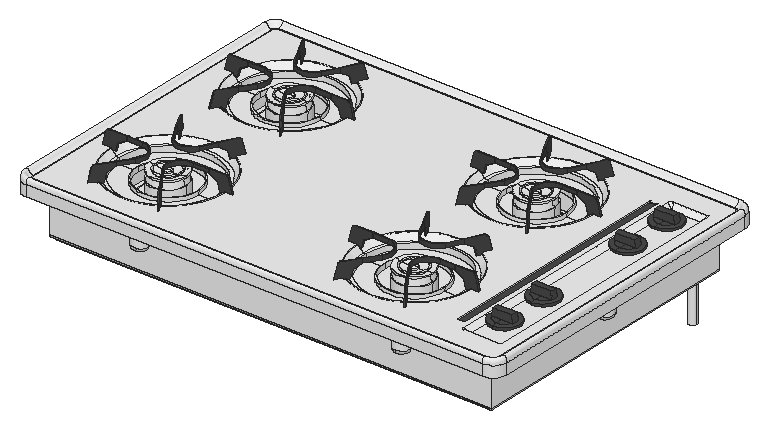
Revit family "QF_Summit_ZNL053_Cooktop", category Specialty Equipment, Revit 2020
Family settings
  Round Connector Dimension = Use Diameter
  Part Type = Normal
  Work Plane-Based = No
  Always vertical = Yes
  Cut with Voids When Loaded = No
  Shared = No
  Room Calculation Point = No
Parameters
  Weight in Pounds = 32
  Watts = 0 W
  Volts = 115 V
  URL Cutsheet = ""
  Specification by User = ""
  Specification by Manufacturer = ""
  Serial Number = ""
  Seismic Rating = ""
  SMACNA No = ""
  Revision Code = ""
  Plumbing Remarks = ""
  Plumbing Connection Type = ""
  Phase = 1
  Number of Poles = 1
  NAFEM Spec ID Number = ""
  Model = "ZNL053"
  Min Ckt Ampacity = 0 A
  Max Overcurrent Protection = 0 A
  Masterspec = ""
  Manufacturer = "Summit"
  Length = 29 3/4"
  Item Number = ""
  Installed By = ""
  Identify Quantity as Lot = yes
  Height = 3 3/4"
  HP = ""
  Gas Size = 0"
  Gas RI Height = 0"
  Gas KW = 0
  Gas Input = 9000.0 Btu/h
  Gas Connection Height = 0"
  Furnished By = ""
  Foodservice Equipment Identifier = yes
  FL Amps = 0 A
  Electrical Remarks = ""
  Elec Conn RI Height = 0"
  Elec Conn Connection Height = 0"
  Description = "Cooktop"
  Depth = 20"
  Default Elevation = 0"
  Cycle = 60 Hz
  Conn Plug = "3 Prong Cord"
  Conn Conduit = yes
  CSI MasterFormat = ""
  Apparent Power = 0 VA
Reference planes (in)
  plane 1 "BACK": y = 0
  plane 2: z = 0
  plane 3 "LEFT": x = 0
  plane 4 "RIGHT": x = 29.75
  plane 5 "FRONT": y = -20
  plane 6 "TOP": z = 3.75
  plane 7 "Center Y": x = 14.875
  plane 8 "Center X": y = -10
  plane 9: z = 2.75
  plane 10: z = 0.25
  plane 11: z = -2.75
Forms (in)
  Sweep 1, solid, material "QF_Metal_Chrome_Satin"
    path origin (0, 0, 3.74988) x (-1, 0, 0) y (0, -1, 0)
      loop
        line (-0.0625, 0.8125) -> (-0.0625, 19.1875)
        arc (-0.0625, 19.1875) -> (-0.28217, 19.71783) -> (-0.8125, 19.9375) r 0.75
        line (-0.8125, 19.9375) -> (-28.9375, 19.9375)
        arc (-28.9375, 19.9375) -> (-29.46783, 19.71783) -> (-29.6875, 19.1875) r 0.75
        line (-29.6875, 19.1875) -> (-29.6875, 0.8125)
        arc (-29.6875, 0.8125) -> (-29.46783, 0.28217) -> (-28.9375, 0.0625) r 0.75
        line (-28.9375, 0.0625) -> (-0.8125, 0.0625)
        arc (-0.8125, 0.0625) -> (-0.28217, 0.28217) -> (-0.0625, 0.8125) r 0.75
    profile origin (0.0625, -10, 3.74988) x (1, 0, 0) y (0, 0, 1)
      loop
        line (0.50007, -0.99988) -> (0.50007, -0.24988)
        spline (0.50007, -0.24988) -> (0.38683, -0.22526) -> (0.30986, -0.16677) -> (0.25459, -0.09746) -> (0.20654, -0.0403) -> (0.15715, -0.00897) -> (0.1083, -0.00102) -> (0.06291, -0.01235) -> (0.02367, -0.03905) -> (-0.00886, -0.07917) -> (-0.03532, -0.13183) -> (-0.05489, -0.20201) -> (-0.06266, -0.31115)
        line (-0.06266, -0.31115) -> (-0.06266, -0.99988) -> (0.50007, -0.99988)
  Extrusion 2, solid, material "QF_Metal_Chrome_Satin"
    sketch origin (23.1875, -0.5625, 3.49988) x (0, 1, 0) y (1, 0, 0)
      loop
        circle (-4.74127, -17.90956) r 3.49904
      loop
        line (-18.875, 5.75) -> (-18.875, -22.375)
        arc (-18.875, -22.375) -> (-18.80178, -22.55178) -> (-18.625, -22.625) r 0.25
        line (-18.625, -22.625) -> (-0.25, -22.625)
        arc (-0.25, -22.625) -> (-0.07322, -22.55178) -> (0, -22.375) r 0.25
        line (0, -22.375) -> (0, 5.75)
        arc (0, 5.75) -> (-0.07322, 5.92678) -> (-0.25, 6) r 0.25
        line (-0.25, 6) -> (-18.625, 6)
        arc (-18.625, 6) -> (-18.80178, 5.92678) -> (-18.875, 5.75) r 0.25
      loop
        circle (-4.74127, -2.71662) r 3.49904
      loop
        circle (-14.13373, -17.90956) r 3.49904
      loop
        circle (-14.13373, -2.71662) r 3.49904
    from 0.74988 to -0.00012
  Blend 3, void
    base sketch origin (23.18874, -0.56796, 3.54988) x (0, 1, 0) y (-1, 0, 0)
      loop
        arc (-1.25, -3) -> (-1.32322, -2.82322) -> (-1.5, -2.75) r 0.25
        line (-1.5, -2.75) -> (-17.375, -2.75)
        arc (-17.375, -2.75) -> (-17.55178, -2.82322) -> (-17.625, -3) r 0.25
        line (-17.625, -3) -> (-17.625, -5.25)
        arc (-17.625, -5.25) -> (-17.55178, -5.42678) -> (-17.375, -5.5) r 0.25
        line (-17.375, -5.5) -> (-1.5, -5.5)
        arc (-1.5, -5.5) -> (-1.32322, -5.42678) -> (-1.25, -5.25) r 0.25
        line (-1.25, -5.25) -> (-1.25, -3)
    top sketch origin (23.18874, -0.56796, 3.54988) x (0, 1, 0) y (-1, 0, 0)
      loop
        line (-1.71875, -3.21875) -> (-17.15625, -3.21875) -> (-17.15625, -5.03125) -> (-1.71875, -5.03125) -> (-1.71875, -3.21875)
    from 0.0625 to -0.31152
  Extrusion 4, void
    sketch origin (23.18874, -0.56796, 3.54988) x (0, 1, 0) y (-1, 0, 0)
      loop
        arc (-2, -2.1875) -> (-2.01831, -2.14331) -> (-2.0625, -2.125) r 0.0625
        line (-2.0625, -2.125) -> (-16.8125, -2.125)
        arc (-16.8125, -2.125) -> (-16.85669, -2.14331) -> (-16.875, -2.1875) r 0.0625
        line (-16.875, -2.1875) -> (-16.875, -2.5625)
        arc (-16.875, -2.5625) -> (-16.85669, -2.60669) -> (-16.8125, -2.625) r 0.0625
        line (-16.8125, -2.625) -> (-2.0625, -2.625)
        arc (-2.0625, -2.625) -> (-2.01831, -2.60669) -> (-2, -2.5625) r 0.0625
        line (-2, -2.5625) -> (-2, -2.1875)
    from 0.0625 to -0.125
  Revolve 5, solid, material "QF_Plastic_Black_Smooth"
    sketch origin (27.31374, -3, 0.48835) x (0, 1, 0) y (0, 0, 1)
      loop
        line (-0.75736, 3) -> (-0.50736, 3) -> (-0.50736, 3.07947) -> (0.15671, 3.07947) -> (0.15671, 3.2014)
        arc (0.15671, 3.2014) -> (0.03405, 3.23774) -> (-0.09329, 3.25) r 0.66737
        line (-0.09329, 3.25) -> (-0.75736, 3.25) -> (-0.75736, 3)
      axis (-0.75736, 3.25) -> (-0.75736, 3)
    angle from 0 to 360
  Blend 6, solid, material "QF_Plastic_Black_Smooth"
    base sketch origin (5.74846, -3, 4.23835) x (-1, 0, 0) y (0, -1, 0)
      loop
        arc (-20.9318, 0.55812) -> (-20.90121, 0.75736) -> (-20.9318, 0.95659) r 0.66406
        line (-20.9318, 0.95659) -> (-22.19875, 0.95659)
        arc (-22.19875, 0.95659) -> (-22.22934, 0.75736) -> (-22.19875, 0.55812) r 0.66406
        line (-22.19875, 0.55812) -> (-20.9318, 0.55812)
    top sketch origin (5.74846, -3, 4.23835) x (-1, 0, 0) y (0, -1, 0)
      loop
        arc (-20.98589, 0.57514) -> (-20.95791, 0.75736) -> (-20.98589, 0.93958) r 0.60736
        line (-20.98589, 0.93958) -> (-22.14466, 0.93958)
        arc (-22.14466, 0.93958) -> (-22.17264, 0.75736) -> (-22.14466, 0.57514) r 0.60736
        line (-22.14466, 0.57514) -> (-20.98589, 0.57514)
    from -0.5 to -0.05271
  Revolve 7, solid, material "QF_Plastic_Black_Smooth", not visible
    sketch origin (21.56528, -3, 0) x (0, 1, 0) y (0, 0, 1)
      loop
        line (-0.75736, 3) -> (-0.50736, 3) -> (-0.50736, 3.07947) -> (0.15671, 3.07947) -> (0.15671, 3.2014)
        arc (0.15671, 3.2014) -> (0.03405, 3.23774) -> (-0.09329, 3.25) r 0.66737
        line (-0.09329, 3.25) -> (-0.75736, 3.25) -> (-0.75736, 3)
      axis (-0.75736, 3.25) -> (-0.75736, 3)
    angle from 0 to 360
  Blend 8, solid, material "QF_Plastic_Black_Smooth", not visible
    base sketch origin (0, -3, 3.75) x (-1, 0, 0) y (0, -1, 0)
      loop
        arc (-20.9318, 0.55812) -> (-20.90121, 0.75736) -> (-20.9318, 0.95659) r 0.66406
        line (-20.9318, 0.95659) -> (-22.19875, 0.95659)
        arc (-22.19875, 0.95659) -> (-22.22934, 0.75736) -> (-22.19875, 0.55812) r 0.66406
        line (-22.19875, 0.55812) -> (-20.9318, 0.55812)
    top sketch origin (0, -3, 3.75) x (-1, 0, 0) y (0, -1, 0)
      loop
        arc (-20.98589, 0.57514) -> (-20.95791, 0.75736) -> (-20.98589, 0.93958) r 0.60736
        line (-20.98589, 0.93958) -> (-22.14466, 0.93958)
        arc (-22.14466, 0.93958) -> (-22.17264, 0.75736) -> (-22.14466, 0.57514) r 0.60736
        line (-22.14466, 0.57514) -> (-20.98589, 0.57514)
    from -0.5 to -0.05271
  Revolve 9, solid, material "QF_Plastic_Black_Smooth"
    sketch origin (27.31156, -3.00158, 0.48835) x (0, 1, 0) y (0, 0, 1)
      loop
        line (-3.75736, 3) -> (-3.50736, 3) -> (-3.50736, 3.07947) -> (-2.84329, 3.07947) -> (-2.84329, 3.2014)
        arc (-2.84329, 3.2014) -> (-2.96595, 3.23774) -> (-3.09329, 3.25) r 0.66737
        line (-3.09329, 3.25) -> (-3.75736, 3.25) -> (-3.75736, 3)
      axis (-3.75736, 3.25) -> (-3.75736, 3)
    angle from 0 to 360
  Blend 10, solid, material "QF_Plastic_Black_Smooth"
    base sketch origin (5.74628, -3.00158, 4.23835) x (-1, 0, 0) y (0, -1, 0)
      loop
        arc (-20.9318, 3.55812) -> (-20.90121, 3.75736) -> (-20.9318, 3.95659) r 0.66406
        line (-20.9318, 3.95659) -> (-22.19875, 3.95659)
        arc (-22.19875, 3.95659) -> (-22.22934, 3.75736) -> (-22.19875, 3.55812) r 0.66406
        line (-22.19875, 3.55812) -> (-20.9318, 3.55812)
    top sketch origin (5.74628, -3.00158, 4.23835) x (-1, 0, 0) y (0, -1, 0)
      loop
        arc (-20.98589, 3.57514) -> (-20.95791, 3.75736) -> (-20.98589, 3.93958) r 0.60736
        line (-20.98589, 3.93958) -> (-22.14466, 3.93958)
        arc (-22.14466, 3.93958) -> (-22.17264, 3.75736) -> (-22.14466, 3.57514) r 0.60736
        line (-22.14466, 3.57514) -> (-20.98589, 3.57514)
    from -0.5 to -0.05271
  Revolve 11, solid, material "QF_Plastic_Black_Smooth"
    sketch origin (27.31156, -6.00158, 0.48835) x (0, 1, 0) y (0, 0, 1)
      loop
        line (-10.24264, 3) -> (-10.24264, 3.25) -> (-10.90671, 3.25)
        arc (-10.90671, 3.25) -> (-11.03405, 3.23774) -> (-11.15671, 3.2014) r 0.66737
        line (-11.15671, 3.2014) -> (-11.15671, 3.07947) -> (-10.49264, 3.07947) -> (-10.49264, 3) -> (-10.24264, 3)
      axis (-10.24264, 3.25) -> (-10.24264, 3)
    angle from 0 to 360
  Blend 12, solid, material "QF_Plastic_Black_Smooth"
    base sketch origin (5.74628, -6.00158, 4.23835) x (-1, 0, 0) y (0, -1, 0)
      loop
        line (-20.9318, 10.44188) -> (-22.19875, 10.44188)
        arc (-22.19875, 10.44188) -> (-22.22934, 10.24264) -> (-22.19875, 10.04341) r 0.66406
        line (-22.19875, 10.04341) -> (-20.9318, 10.04341)
        arc (-20.9318, 10.04341) -> (-20.90121, 10.24264) -> (-20.9318, 10.44188) r 0.66406
    top sketch origin (5.74628, -6.00158, 4.23835) x (-1, 0, 0) y (0, -1, 0)
      loop
        line (-20.98589, 10.42486) -> (-22.14466, 10.42486)
        arc (-22.14466, 10.42486) -> (-22.17264, 10.24264) -> (-22.14466, 10.06042) r 0.60736
        line (-22.14466, 10.06042) -> (-20.98589, 10.06042)
        arc (-20.98589, 10.06042) -> (-20.95791, 10.24264) -> (-20.98589, 10.42486) r 0.60736
    from -0.5 to -0.05271
  Revolve 13, solid, material "QF_Plastic_Black_Smooth"
    sketch origin (27.31156, -3.00158, 0.48835) x (0, 1, 0) y (0, 0, 1)
      loop
        line (-10.24264, 3) -> (-10.24264, 3.25) -> (-10.90671, 3.25)
        arc (-10.90671, 3.25) -> (-11.03405, 3.23774) -> (-11.15671, 3.2014) r 0.66737
        line (-11.15671, 3.2014) -> (-11.15671, 3.07947) -> (-10.49264, 3.07947) -> (-10.49264, 3) -> (-10.24264, 3)
      axis (-10.24264, 3.25) -> (-10.24264, 3)
    angle from 0 to 360
  Blend 14, solid, material "QF_Plastic_Black_Smooth"
    base sketch origin (5.74628, -3.00158, 4.23835) x (-1, 0, 0) y (0, -1, 0)
      loop
        line (-20.9318, 10.44188) -> (-22.19875, 10.44188)
        arc (-22.19875, 10.44188) -> (-22.22934, 10.24264) -> (-22.19875, 10.04341) r 0.66406
        line (-22.19875, 10.04341) -> (-20.9318, 10.04341)
        arc (-20.9318, 10.04341) -> (-20.90121, 10.24264) -> (-20.9318, 10.44188) r 0.66406
    top sketch origin (5.74628, -3.00158, 4.23835) x (-1, 0, 0) y (0, -1, 0)
      loop
        line (-20.98589, 10.42486) -> (-22.14466, 10.42486)
        arc (-22.14466, 10.42486) -> (-22.17264, 10.24264) -> (-22.14466, 10.06042) r 0.60736
        line (-22.14466, 10.06042) -> (-20.98589, 10.06042)
        arc (-20.98589, 10.06042) -> (-20.95791, 10.24264) -> (-20.98589, 10.42486) r 0.60736
    from -0.5 to -0.05271
  Revolve 15, solid, material "QF_Plastic_Black_Smooth", not visible
    sketch origin (21.56528, -20.00316, 0) x (0, 1, 0) y (0, 0, 1)
      loop
        line (16.2458, 3) -> (16.4958, 3) -> (16.4958, 3.07947) -> (17.15986, 3.07947) -> (17.15986, 3.2014)
        arc (17.15986, 3.2014) -> (17.0372, 3.23774) -> (16.90986, 3.25) r 0.66737
        line (16.90986, 3.25) -> (16.2458, 3.25) -> (16.2458, 3)
      axis (16.2458, 3.25) -> (16.2458, 3)
    angle from 0 to 360
  Blend 16, solid, material "QF_Plastic_Black_Smooth", not visible
    base sketch origin (0, -20.00316, 3.75) x (-1, 0, 0) y (0, -1, 0)
      loop
        arc (-20.9318, -16.44503) -> (-20.90121, -16.2458) -> (-20.9318, -16.04657) r 0.66406
        line (-20.9318, -16.04657) -> (-22.19875, -16.04657)
        arc (-22.19875, -16.04657) -> (-22.22934, -16.2458) -> (-22.19875, -16.44503) r 0.66406
        line (-22.19875, -16.44503) -> (-20.9318, -16.44503)
    top sketch origin (0, -20.00316, 3.75) x (-1, 0, 0) y (0, -1, 0)
      loop
        arc (-20.98589, -16.42802) -> (-20.95791, -16.2458) -> (-20.98589, -16.06358) r 0.60736
        line (-20.98589, -16.06358) -> (-22.14466, -16.06358)
        arc (-22.14466, -16.06358) -> (-22.17264, -16.2458) -> (-22.14466, -16.42802) r 0.60736
        line (-22.14466, -16.42802) -> (-20.98589, -16.42802)
    from -0.5 to -0.05271
  Extrusion 17, solid, material "QF_Metal_Chrome_Satin"
    sketch origin (9.68847, 8.08075, 0) x (-1, 0, 0) y (0, 1, 0)
      loop
        circle (-17.75, -10) r 0.25
    from -0.125 to 2.75
  Sweep 18, solid, material "QF_Metal_Chrome_Satin"
    path origin (0, 0, 0) x (1, 0, 0) y (0, 1, 0)
      loop
        line (28.5, -1.25) -> (1.25, -1.25) -> (1.25, -18.75) -> (28.5, -18.75) -> (28.5, -1.25)
    profile origin (28.5, -10, 0) x (1, 0, 0) y (0, 0, 1)
      loop
        line (-0.25, 0) -> (-0.25, 0.125) -> (-0.13174, 0.125)
        arc (-0.13174, 0.125) -> (-0.03859, 0.16359) -> (0, 0.25674) r 0.13174
        line (0, 0.25674) -> (0, 2.75) -> (-0.125, 2.75) -> (-0.125, 0.25) -> (-0.375, 0.25) -> (-0.375, 0) -> (-0.25, 0)
  Extrusion 19, solid, material "QF_Metal_Chrome_Satin"
    sketch origin (28.125, -1.625, 0.25) x (0, -1, 0) y (1, 0, 0)
      loop
        line (0, -26.5) -> (16.75, -26.5) -> (16.75, 0) -> (0, 0) -> (0, -26.5)
    from 0 to -0.125
  Extrusion 20, solid, material "QF_Metal_Chrome_Satin"
    sketch origin (28.125, -1.625, 0.125) x (1, 0, 0) y (0, -1, 0)
      loop
        circle (-1.43653, 0.29425) r 0.25
    from 0 to 0.0625
  Revolve 21, solid, material "QF_Metal_Chrome_Satin"
    sketch origin (0, -10, 0) x (1, 0, 0) y (0, 0, 1)
      loop
        line (1.25, 2.75) -> (0.75, 2.75) -> (0.75, 1.75)
        arc (0.75, 1.75) -> (0.8255, 1.58445) -> (1, 1.5329) r 0.21926
        line (1, 1.5329) -> (1.25, 1.5329) -> (1.25, 2.75)
      axis (1.25, 1.5329) -> (1.25, 2.75)
    angle from -90 to 90
  Revolve 22, solid, material "QF_Metal_Chrome_Satin"
    sketch origin (24, -10, 0) x (-1, 0, 0) y (0, 0, -1)
      loop
        line (-4.5, -2.75) -> (-4.5, -1.5329) -> (-4.75, -1.5329)
        arc (-4.75, -1.5329) -> (-4.9245, -1.58445) -> (-5, -1.75) r 0.21926
        line (-5, -1.75) -> (-5, -2.75) -> (-4.5, -2.75)
      axis (-4.5, -1.5329) -> (-4.5, -2.75)
    angle from -90 to 90
  Revolve 23, solid, material "QF_Metal_Chrome_Satin"
    sketch origin (21.33132, -1.25, 0) x (-1, 0, 0) y (0, 0, -1)
      loop
        line (-1.625, -2.75) -> (-1.625, -1.5329) -> (-1.875, -1.5329)
        arc (-1.875, -1.5329) -> (-2.0495, -1.58445) -> (-2.125, -1.75) r 0.21926
        line (-2.125, -1.75) -> (-2.125, -2.75) -> (-1.625, -2.75)
      axis (-1.625, -1.5329) -> (-1.625, -2.75)
    angle from 0 to 180
  Revolve 24, solid, material "QF_Metal_Chrome_Satin"
    sketch origin (5.19698, -1.25, 0) x (-1, 0, 0) y (0, 0, -1)
      loop
        line (-1.625, -2.75) -> (-1.625, -1.5329) -> (-1.875, -1.5329)
        arc (-1.875, -1.5329) -> (-2.0495, -1.58445) -> (-2.125, -1.75) r 0.21926
        line (-2.125, -1.75) -> (-2.125, -2.75) -> (-1.625, -2.75)
      axis (-1.625, -1.5329) -> (-1.625, -2.75)
    angle from 0 to 180
  Revolve 25, solid, material "QF_Metal_Chrome_Satin"
    sketch origin (21.33132, -18.75, 0) x (-1, 0, 0) y (0, 0, 1)
      loop
        line (-1.625, 2.75) -> (-2.125, 2.75) -> (-2.125, 1.75)
        arc (-2.125, 1.75) -> (-2.0495, 1.58445) -> (-1.875, 1.5329) r 0.21926
        line (-1.875, 1.5329) -> (-1.625, 1.5329) -> (-1.625, 2.75)
      axis (-1.625, 1.5329) -> (-1.625, 2.75)
    angle from 0 to 180
  Revolve 26, solid, material "QF_Metal_Chrome_Satin"
    sketch origin (5.19698, -18.75, 0) x (-1, 0, 0) y (0, 0, 1)
      loop
        line (-1.625, 2.75) -> (-2.125, 2.75) -> (-2.125, 1.75)
        arc (-2.125, 1.75) -> (-2.0495, 1.58445) -> (-1.875, 1.5329) r 0.21926
        line (-1.875, 1.5329) -> (-1.625, 1.5329) -> (-1.625, 2.75)
      axis (-1.625, 1.5329) -> (-1.625, 2.75)
    angle from 0 to 180
Cuts and joins
  Blend 3, Extrusion 4 cuts Extrusion 2
Lines and regions (in)
  symbolic lines
    curve 1: arc (27.31374, -2.84329, 4.23835) -> (26.39968, -3.75736, 4.23835) -> (27.31374, -4.67142, 4.23835) r 0.91406
    curve 2: arc (27.31374, -4.67142, 4.23835) -> (28.2278, -3.75736, 4.23835) -> (27.31374, -2.84329, 4.23835) r 0.91406
    curve 3: line (26.68027, -3.55812, 4.23835) -> (27.94721, -3.55812, 4.23835)
    curve 4: line (27.94721, -3.95659, 4.23835) -> (26.68027, -3.95659, 4.23835)
    curve 5: arc (26.68027, -3.55812, 4.23835) -> (26.64968, -3.75736, 4.23835) -> (26.68027, -3.95659, 4.23835) r 0.66406
    curve 6: arc (27.94721, -3.95659, 4.23835) -> (27.9778, -3.75736, 4.23835) -> (27.94721, -3.55812, 4.23835) r 0.66406
    curve 13: arc (27.31156, -5.84487, 4.23835) -> (26.3975, -6.75893, 4.23835) -> (27.31156, -7.673, 4.23835) r 0.91406
    curve 14: arc (27.31156, -7.673, 4.23835) -> (28.22562, -6.75893, 4.23835) -> (27.31156, -5.84487, 4.23835) r 0.91406
    curve 15: line (26.67809, -6.5597, 4.23835) -> (27.94503, -6.5597, 4.23835)
    curve 16: line (27.94503, -6.95817, 4.23835) -> (26.67809, -6.95817, 4.23835)
    curve 17: arc (26.67809, -6.5597, 4.23835) -> (26.6475, -6.75893, 4.23835) -> (26.67809, -6.95817, 4.23835) r 0.66406
    curve 18: arc (27.94503, -6.95817, 4.23835) -> (27.97562, -6.75893, 4.23835) -> (27.94503, -6.5597, 4.23835) r 0.66406
    curve 19: arc (27.31156, -17.15828, 4.23835) -> (26.3975, -16.24422, 4.23835) -> (27.31156, -15.33016, 4.23835) r 0.91406
    curve 20: arc (27.31156, -15.33016, 4.23835) -> (28.22562, -16.24422, 4.23835) -> (27.31156, -17.15828, 4.23835) r 0.91406
    curve 21: line (26.67809, -16.44345, 4.23835) -> (27.94503, -16.44345, 4.23835)
    curve 22: line (27.94503, -16.04499, 4.23835) -> (26.67809, -16.04499, 4.23835)
    curve 23: arc (26.67809, -16.44345, 4.23835) -> (26.6475, -16.24422, 4.23835) -> (26.67809, -16.04499, 4.23835) r 0.66406
    curve 24: arc (27.94503, -16.04499, 4.23835) -> (27.97562, -16.24422, 4.23835) -> (27.94503, -16.44345, 4.23835) r 0.66406
    curve 25: arc (27.31156, -14.15828, 4.23835) -> (26.3975, -13.24422, 4.23835) -> (27.31156, -12.33016, 4.23835) r 0.91406
    curve 26: arc (27.31156, -12.33016, 4.23835) -> (28.22562, -13.24422, 4.23835) -> (27.31156, -14.15828, 4.23835) r 0.91406
    curve 27: line (26.67809, -13.44345, 4.23835) -> (27.94503, -13.44345, 4.23835)
    curve 28: line (27.94503, -13.04499, 4.23835) -> (26.67809, -13.04499, 4.23835)
    curve 29: arc (26.67809, -13.44345, 4.23835) -> (26.6475, -13.24422, 4.23835) -> (26.67809, -13.04499, 4.23835) r 0.66406
    curve 30: arc (27.94503, -13.04499, 4.23835) -> (27.97562, -13.24422, 4.23835) -> (27.94503, -13.44345, 4.23835) r 0.66406
    curve 37: line (0.5625, -0.8125, 0) -> (0.5625, -19.1875, 0)
    curve 38: line (28.9375, -0.5625, 0) -> (0.8125, -0.5625, 0)
    curve 39: arc (0.5625, -0.8125, 0) -> (0.63572, -0.63572, 0) -> (0.8125, -0.5625, 0) r 0.25
    curve 40: arc (28.9375, -0.5625, 0) -> (29.11428, -0.63572, 0) -> (29.1875, -0.8125, 0) r 0.25
    curve 41: line (29.1875, -19.1875, 0) -> (29.1875, -0.8125, 0)
    curve 42: line (28.21999, -2.28671, 0) -> (26.40749, -2.28671, 0)
    curve 43: line (26.40749, -2.28671, 0) -> (26.40749, -17.72421, 0)
    curve 44: line (26.40749, -17.72421, 0) -> (28.21999, -17.72421, 0)
    curve 45: line (28.21999, -17.72421, 0) -> (28.21999, -2.28671, 0)
    curve 46: line (26.25446, -1.9588, 0) -> (28.37302, -1.9588, 0)
    curve 47: arc (28.37302, -1.9588, 0) -> (28.49668, -2.01002, 0) -> (28.5479, -2.13368, 0) r 0.17489
    curve 48: line (28.5479, -2.13368, 0) -> (28.5479, -17.87723, 0)
    curve 49: arc (28.5479, -17.87723, 0) -> (28.49668, -18.0009, 0) -> (28.37302, -18.05212, 0) r 0.17489
    curve 50: line (28.37302, -18.05212, 0) -> (26.25446, -18.05212, 0)
    curve 51: arc (26.25446, -18.05212, 0) -> (26.1308, -18.0009, 0) -> (26.07958, -17.87723, 0) r 0.17489
    curve 52: line (26.07958, -17.87723, 0) -> (26.07958, -2.13368, 0)
    curve 53: arc (26.07958, -2.13368, 0) -> (26.1308, -2.01002, 0) -> (26.25446, -1.9588, 0) r 0.17489
    curve 54: line (25.31374, -17.38046, 0) -> (25.31374, -2.63046, 0)
    curve 55: arc (25.31374, -2.63046, 0) -> (25.33205, -2.58626, 0) -> (25.37624, -2.56796, 0) r 0.0625
    curve 56: line (25.37624, -2.56796, 0) -> (25.75124, -2.56796, 0)
    curve 57: arc (25.75124, -2.56796, 0) -> (25.79543, -2.58626, 0) -> (25.81374, -2.63046, 0) r 0.0625
    curve 58: line (25.81374, -2.63046, 0) -> (25.81374, -17.38046, 0)
    curve 59: arc (25.81374, -17.38046, 0) -> (25.79543, -17.42465, 0) -> (25.75124, -17.44296, 0) r 0.0625
    curve 60: line (25.75124, -17.44296, 0) -> (25.37624, -17.44296, 0)
    curve 61: arc (25.37624, -17.44296, 0) -> (25.33205, -17.42465, 0) -> (25.31374, -17.38046, 0) r 0.0625
    curve 62: line (0.8125, -19.4375, 0) -> (28.9375, -19.4375, 0)
    curve 63: arc (29.1875, -19.1875, 0) -> (29.11428, -19.36428, 0) -> (28.9375, -19.4375, 0) r 0.25
    curve 64: arc (0.8125, -19.4375, 0) -> (0.63572, -19.36428, 0) -> (0.5625, -19.1875, 0) r 0.25
    curve 65: line (-0.00016, -19.1875, 0) -> (-0.00016, -0.8125, 0)
    curve 66: arc (-0.00016, -0.8125, 0) -> (0.23786, -0.23786, 0) -> (0.8125, 0.00016, 0) r 0.81266
    curve 67: line (0.8125, 0.00016, 0) -> (28.9375, 0.00016, 0)
    curve 68: arc (28.9375, 0.00016, 0) -> (29.51214, -0.23786, 0) -> (29.75016, -0.8125, 0) r 0.81266
    curve 69: line (29.75016, -0.8125, 0) -> (29.75016, -19.1875, 0)
    curve 70: arc (29.75016, -19.1875, 0) -> (29.51214, -19.76214, 0) -> (28.9375, -20.00016, 0) r 0.81266
    curve 71: line (28.9375, -20.00016, 0) -> (0.8125, -20.00016, 0)
    curve 72: arc (0.8125, -20.00016, 0) -> (0.23786, -19.76214, 0) -> (-0.00016, -19.1875, 0) r 0.81266
  symbolic lines, not visible
    curve 7: arc (21.56528, -2.84329, 3.75) -> (20.65121, -3.75736, 3.75) -> (21.56528, -4.67142, 3.75) r 0.91406
    curve 8: arc (21.56528, -4.67142, 3.75) -> (22.47934, -3.75736, 3.75) -> (21.56528, -2.84329, 3.75) r 0.91406
    curve 9: line (20.9318, -3.55812, 3.75) -> (22.19875, -3.55812, 3.75)
    curve 10: line (22.19875, -3.95659, 3.75) -> (20.9318, -3.95659, 3.75)
    curve 11: arc (20.9318, -3.55812, 3.75) -> (20.90121, -3.75736, 3.75) -> (20.9318, -3.95659, 3.75) r 0.66406
    curve 12: arc (22.19875, -3.95659, 3.75) -> (22.22934, -3.75736, 3.75) -> (22.19875, -3.55812, 3.75) r 0.66406
    curve 31: arc (21.56528, -2.84329, 3.75) -> (20.65121, -3.75736, 3.75) -> (21.56528, -4.67142, 3.75) r 0.91406
    curve 32: arc (21.56528, -4.67142, 3.75) -> (22.47934, -3.75736, 3.75) -> (21.56528, -2.84329, 3.75) r 0.91406
    curve 33: line (20.9318, -3.55812, 3.75) -> (22.19875, -3.55812, 3.75)
    curve 34: line (22.19875, -3.95659, 3.75) -> (20.9318, -3.95659, 3.75)
    curve 35: arc (20.9318, -3.55812, 3.75) -> (20.90121, -3.75736, 3.75) -> (20.9318, -3.95659, 3.75) r 0.66406
    curve 36: arc (22.19875, -3.95659, 3.75) -> (22.22934, -3.75736, 3.75) -> (22.19875, -3.55812, 3.75) r 0.66406
Dimensions and locks (in)
  equal spacing: plane 3 "LEFT", plane 7 "Center Y", plane 4 "RIGHT"
  "Length": plane 3 "LEFT" to plane 4 "RIGHT"
  equal spacing: plane 5 "FRONT", plane 8 "Center X", plane 1 "BACK"
  "Depth": plane 5 "FRONT" to plane 1 "BACK"
  "Height": plane 6 "TOP" to level
  plane 9 to plane 10 = 2 1/2"
  plane 10 to plane 11 = 3"
  plane 6 "TOP" to plane 9 = 1"
  aligned and locked: level to plane 2
Automatic sketch dimensions
  Blend 6 sketch curve to Blend 6 sketch curve = 0.63347"  (x2)
  Blend 6 sketch curve to Blend 6 sketch curve = 51/256"
  Blend 6 sketch curve to Blend 6 sketch curve = 0"  (x10)
  Blend 6 sketch curve to Blend 6 sketch curve = 0.57938"  (x2)
  Blend 6 sketch curve to Blend 6 sketch curve = 0.18222"
  curve 4 to curve 1 = 0.63347"
  curve 3 to curve 1 = 51/256"
  curve 2 to curve 5 = 183/256"
  curve 3 to curve 4 = 0"
  curve 2 to curve 3 = 0.63347"
  curve 2 to curve 5 = 0"  (x4)
  curve 2 to curve 6 = 0"  (x3)
  curve 5 to curve 6 = 0"  (x3)
  curve 1 to curve 2 = 0"  (x2)
  curve 1 to curve 5 = 0"  (x2)
  curve 1 to curve 6 = 0"  (x2)
  Blend 8 sketch curve to Blend 8 sketch curve = 0.63347"  (x2)
  Blend 8 sketch curve to Blend 8 sketch curve = 51/256"
  Blend 8 sketch curve to Blend 8 sketch curve = 0"  (x10)
  Blend 8 sketch curve to Blend 8 sketch curve = 0.57938"  (x2)
  Blend 8 sketch curve to Blend 8 sketch curve = 0.18222"
  curve 10 to curve 7 = 0.63347"
  curve 9 to curve 7 = 51/256"
  curve 8 to curve 11 = 183/256"
  curve 9 to curve 10 = 0"
  curve 8 to curve 9 = 0.63347"
  curve 8 to curve 11 = 0"  (x4)
  curve 8 to curve 12 = 0"  (x3)
  curve 11 to curve 12 = 0"  (x3)
  curve 7 to curve 8 = 0"  (x2)
  curve 7 to curve 11 = 0"  (x2)
  curve 7 to curve 12 = 0"  (x2)
  Revolve 9 sketch curve to Revolve 9 sketch curve = 1/4"  (x2)
  Revolve 9 sketch curve to Revolve 9 sketch curve = 53/128"
  Revolve 9 sketch curve to Revolve 9 sketch curve = 85/128"
  Revolve 9 sketch curve to Revolve 9 sketch curve = 0"
  Revolve 9 sketch curve to Revolve 9 sketch curve = 0.12193"
  Blend 10 sketch curve to Blend 10 sketch curve = 0.63347"  (x2)
  Blend 10 sketch curve to Blend 10 sketch curve = 51/256"
  Blend 10 sketch curve to Blend 10 sketch curve = 0"  (x10)
  Blend 10 sketch curve to Blend 10 sketch curve = 0.57938"  (x2)
  Blend 10 sketch curve to Blend 10 sketch curve = 0.18222"
  Revolve 9 sketch curve to Revolve 9 sketch curve = 0.41737"
  Revolve 9 sketch curve to Revolve 9 sketch curve = 0.07947"
  Revolve 9 sketch curve to Revolve 9 sketch curve = 0.30818"
  Revolve 11 sketch curve to Revolve 11 sketch curve = 1/4"  (x2)
  Revolve 11 sketch curve to Revolve 11 sketch curve = 53/128"
  Revolve 11 sketch curve to Revolve 11 sketch curve = 85/128"
  Revolve 11 sketch curve to Revolve 11 sketch curve = 0"
  Revolve 11 sketch curve to Revolve 11 sketch curve = 0.12193"
  Blend 12 sketch curve to Blend 12 sketch curve = 0.63347"  (x2)
  Blend 12 sketch curve to Blend 12 sketch curve = 51/256"
  Blend 12 sketch curve to Blend 12 sketch curve = 0"  (x10)
  Blend 12 sketch curve to Blend 12 sketch curve = 0.57938"  (x2)
  Blend 12 sketch curve to Blend 12 sketch curve = 0.18222"
  Revolve 11 sketch curve to Revolve 11 sketch curve = 0.41737"
  Revolve 11 sketch curve to Revolve 11 sketch curve = 0.07947"
  Revolve 11 sketch curve to Revolve 11 sketch curve = 0.30818"
  Revolve 13 sketch curve to Revolve 13 sketch curve = 1/4"  (x2)
  Revolve 13 sketch curve to Revolve 13 sketch curve = 53/128"
  Revolve 13 sketch curve to Revolve 13 sketch curve = 85/128"
  Revolve 13 sketch curve to Revolve 13 sketch curve = 0"
  Revolve 13 sketch curve to Revolve 13 sketch curve = 0.12193"
  Blend 14 sketch curve to Blend 14 sketch curve = 0.63347"  (x2)
  Blend 14 sketch curve to Blend 14 sketch curve = 51/256"
  Blend 14 sketch curve to Blend 14 sketch curve = 0"  (x10)
  Blend 14 sketch curve to Blend 14 sketch curve = 0.57938"  (x2)
  Blend 14 sketch curve to Blend 14 sketch curve = 0.18222"
  Revolve 13 sketch curve to Revolve 13 sketch curve = 0.41737"
  Revolve 13 sketch curve to Revolve 13 sketch curve = 0.07947"
  Revolve 13 sketch curve to Revolve 13 sketch curve = 0.30818"
  curve 16 to curve 13 = 0.63347"
  curve 15 to curve 13 = 51/256"
  curve 14 to curve 17 = 183/256"
  curve 15 to curve 16 = 0"
  curve 14 to curve 15 = 0.63347"
  curve 14 to curve 17 = 0"  (x4)
  curve 14 to curve 18 = 0"  (x3)
  curve 17 to curve 18 = 0"  (x3)
  curve 13 to curve 14 = 0"  (x2)
  curve 13 to curve 17 = 0"  (x2)
  curve 13 to curve 18 = 0"  (x2)
  curve 22 to curve 19 = 0.63347"
  curve 19 to curve 21 = 51/256"
  curve 23 to curve 20 = 183/256"
  curve 21 to curve 22 = 0"
  curve 20 to curve 21 = 0.63347"
  curve 20 to curve 23 = 0"  (x4)
  curve 20 to curve 24 = 0"  (x3)
  curve 23 to curve 24 = 0"  (x3)
  curve 19 to curve 20 = 0"  (x2)
  curve 19 to curve 23 = 0"  (x2)
  curve 19 to curve 24 = 0"  (x2)
  curve 28 to curve 25 = 0.63347"
  curve 25 to curve 27 = 51/256"
  curve 29 to curve 26 = 183/256"
  curve 27 to curve 28 = 0"
  curve 26 to curve 27 = 0.63347"
  curve 26 to curve 29 = 0"  (x4)
  curve 26 to curve 30 = 0"  (x3)
  curve 29 to curve 30 = 0"  (x3)
  curve 25 to curve 26 = 0"  (x2)
  curve 25 to curve 29 = 0"  (x2)
  curve 25 to curve 30 = 0"  (x2)
  Revolve 15 sketch curve to Revolve 15 sketch curve = 1/4"  (x2)
  Revolve 15 sketch curve to Revolve 15 sketch curve = 53/128"
  Revolve 15 sketch curve to Revolve 15 sketch curve = 85/128"
  Revolve 15 sketch curve to Revolve 15 sketch curve = 0"
  Revolve 15 sketch curve to Revolve 15 sketch curve = 0.12193"
  Blend 16 sketch curve to Blend 16 sketch curve = 0.63347"  (x2)
  Blend 16 sketch curve to Blend 16 sketch curve = 51/256"
  Blend 16 sketch curve to Blend 16 sketch curve = 0"  (x10)
  Blend 16 sketch curve to Blend 16 sketch curve = 0.57938"  (x2)
  Blend 16 sketch curve to Blend 16 sketch curve = 0.18222"
  Revolve 15 sketch curve to Revolve 15 sketch curve = 0.41737"
  Revolve 15 sketch curve to Revolve 15 sketch curve = 0.07947"
  Revolve 15 sketch curve to Revolve 15 sketch curve = 0.30818"
  curve 34 to curve 31 = 0.63347"
  curve 33 to curve 31 = 51/256"
  curve 32 to curve 35 = 183/256"
  curve 33 to curve 34 = 0"
  curve 32 to curve 33 = 0.63347"
  curve 32 to curve 35 = 0"  (x4)
  curve 32 to curve 36 = 0"  (x3)
  curve 35 to curve 36 = 0"  (x3)
  curve 31 to curve 32 = 0"  (x2)
  curve 31 to curve 35 = 0"  (x2)
  curve 31 to curve 36 = 0"  (x2)
  Revolve 5 sketch curve to Revolve 5 sketch curve = 1/4"  (x2)
  Revolve 5 sketch curve to Revolve 5 sketch curve = 53/128"
  Revolve 5 sketch curve to Revolve 5 sketch curve = 0.41737"
  Revolve 5 sketch curve to Revolve 5 sketch curve = 0.07947"
  Revolve 5 sketch curve to Revolve 5 sketch curve = 0.12193"
  Revolve 5 sketch curve to Revolve 5 sketch curve = 0"  (x2)
  Revolve 5 sketch curve to Revolve 5 sketch curve = 0.30818"
  Revolve 7 sketch curve to Revolve 7 sketch curve = 1/4"  (x2)
  Revolve 7 sketch curve to Revolve 7 sketch curve = 53/128"
  Revolve 7 sketch curve to Revolve 7 sketch curve = 0.41737"
  Revolve 7 sketch curve to Revolve 7 sketch curve = 0.07947"
  Revolve 7 sketch curve to Revolve 7 sketch curve = 0.12193"
  Revolve 7 sketch curve to Revolve 7 sketch curve = 0"  (x2)
  Revolve 7 sketch curve to Revolve 7 sketch curve = 0.30818"
  plane 4 "RIGHT" to Sweep 1 sketch curve = 1/16"
  Sweep 1 sketch curve to Sweep 1 sketch curve = 3/4"
  Sweep 1 sketch curve to plane 5 "FRONT" = 1/16"
  plane 4 "RIGHT" to Sweep 1 sketch curve = 13/16"
  plane 3 "LEFT" to Sweep 1 sketch curve = 13/16"  (x2)
  plane 3 "LEFT" to Sweep 1 sketch curve = 1/16"
  plane 1 "BACK" to Sweep 1 sketch curve = 13/16"
  profile plane to Sweep 1 sketch curve = 0.06266"
  Sweep 1 sketch curve to profile plane = 0.50007"
  Sweep 1 sketch curve to profile plane = 0.99988"
  Sweep 1 sketch curve to profile plane = 0.31115"
  Sweep 1 sketch curve to profile plane = 0.24988"
  Extrusion 2 sketch curve to plane 5 "FRONT" = 9/16"
  Extrusion 2 sketch curve to Extrusion 2 sketch curve = 1/4"  (x3)
  Extrusion 2 sketch curve to plane 8 "Center X" = 4.69623"  (x2)
  plane 7 "Center Y" to Extrusion 2 sketch curve = 5.59588"  (x2)
  plane 8 "Center X" to Extrusion 2 sketch curve = 4.69623"  (x2)
  plane 1 "BACK" to Extrusion 2 sketch curve = 13/16"  (x2)
  plane 4 "RIGHT" to Extrusion 2 sketch curve = 13/16"
  plane 3 "LEFT" to Extrusion 2 sketch curve = 5.27794"  (x2)
  plane 3 "LEFT" to Extrusion 2 sketch curve = 13/16"
  Blend 3 sketch curve to plane 5 "FRONT" = 1.80704"
  Blend 3 sketch curve to Blend 3 sketch curve = 1/4"  (x3)
  plane 4 "RIGHT" to Blend 3 sketch curve = 1.31126"
  plane 1 "BACK" to Blend 3 sketch curve = 2.06796"  (x2)
  Blend 3 sketch curve to Blend 3 sketch curve = 2 1/4"
  Blend 3 sketch curve to plane 5 "FRONT" = 2.27579"
  plane 1 "BACK" to Blend 3 sketch curve = 2.28671"
  plane 4 "RIGHT" to Blend 3 sketch curve = 1.53001"
  Blend 3 sketch curve to Blend 3 sketch curve = 1 13/16"
  Extrusion 4 sketch curve to plane 5 "FRONT" = 2.55704"
  Extrusion 4 sketch curve to Extrusion 4 sketch curve = 1/16"  (x3)
  plane 1 "BACK" to Extrusion 4 sketch curve = 2.63046"
  Extrusion 4 sketch curve to Extrusion 4 sketch curve = 0"
  plane 4 "RIGHT" to Extrusion 4 sketch curve = 3.93626"
  Extrusion 4 sketch curve to Extrusion 4 sketch curve = 3/8"
  plane 4 "RIGHT" to Extrusion 17 sketch curve = 2.31153"
  plane 1 "BACK" to Extrusion 17 sketch curve = 1.91925"
  plane 3 "LEFT" to Sweep 18 sketch curve = 1 1/4"
  plane 4 "RIGHT" to Sweep 18 sketch curve = 1 1/4"
  Sweep 18 sketch curve to plane 5 "FRONT" = 1 1/4"
  plane 1 "BACK" to Sweep 18 sketch curve = 1 1/4"
  Sweep 18 sketch curve to level = 0"
  profile plane to Sweep 18 sketch curve = 0"
  profile plane to Sweep 18 sketch curve = 1/8"
  Sweep 18 sketch curve to Sweep 18 sketch curve = 0.00674"
  profile plane to Sweep 18 sketch curve = 1/4"
  Sweep 18 sketch curve to Sweep 18 sketch curve = 1/8"  (x2)
  level to Sweep 18 sketch curve = 1/8"
  Sweep 18 sketch curve to Sweep 18 sketch curve = 2.49326"
  Extrusion 19 sketch curve to Sweep 18 = 0"  (x4)
  Extrusion 20 sketch curve to Extrusion 20 sketch curve = 0"  (x2)
  Extrusion 19 to Extrusion 20 sketch curve = 0.29425"
  Extrusion 19 to Extrusion 20 sketch curve = 1.43653"
  Extrusion 20 sketch curve to Extrusion 20 sketch curve = 1/4"
  Revolve 21 sketch curve to plane 9 = 0"  (x2)
  plane 3 "LEFT" to Revolve 21 sketch curve = 3/4"
  Revolve 21 sketch curve to Revolve 21 sketch curve = 0.21926"
  Revolve 21 sketch curve to Revolve 21 sketch curve = 0.03074"
  Revolve 21 sketch curve to Revolve 21 sketch curve = 1/4"
  Revolve 21 sketch curve to plane 9 = 1"
  Revolve 21 sketch curve to Revolve 21 sketch curve = 0"
  plane 9 to Revolve 21 sketch curve = 0.41303"
  Revolve 22 sketch curve to plane 9 = 0"  (x2)
  plane 4 "RIGHT" to Revolve 22 sketch curve = 3/4"
  Revolve 22 sketch curve to Revolve 22 sketch curve = 0.21926"
  Revolve 22 sketch curve to Revolve 22 sketch curve = 0.03074"
  Revolve 22 sketch curve to Revolve 22 sketch curve = 1/4"
  Revolve 22 sketch curve to plane 9 = 1"
  Revolve 22 sketch curve to Revolve 22 sketch curve = 0"
  Revolve 22 sketch curve to Revolve 22 sketch curve = 0.41303"
  Revolve 23 sketch curve to plane 9 = 0"  (x2)
  Revolve 23 sketch curve to plane 9 = 1"
  plane 7 "Center Y" to Revolve 23 sketch curve = 8.58132"
  Revolve 23 sketch curve to Revolve 23 sketch curve = 0.21926"
  Revolve 23 sketch curve to Revolve 23 sketch curve = 0.03074"
  Revolve 23 sketch curve to Revolve 23 sketch curve = 1/4"
  Revolve 23 sketch curve to Revolve 23 sketch curve = 0"
  Revolve 23 sketch curve to Revolve 23 sketch curve = 0.41303"
  Revolve 24 sketch curve to plane 9 = 0"  (x2)
  Revolve 24 sketch curve to plane 9 = 1"
  Revolve 24 sketch curve to plane 7 "Center Y" = 7.55302"
  Revolve 24 sketch curve to Revolve 24 sketch curve = 0.21926"
  Revolve 24 sketch curve to Revolve 24 sketch curve = 0.03074"
  Revolve 24 sketch curve to Revolve 24 sketch curve = 1/4"
  Revolve 24 sketch curve to Revolve 24 sketch curve = 0"
  Revolve 24 sketch curve to Revolve 24 sketch curve = 0.41303"
  Revolve 25 sketch curve to plane 9 = 0"  (x2)
  Revolve 25 sketch curve to plane 9 = 1"
  plane 7 "Center Y" to Revolve 25 sketch curve = 8.58132"
  Revolve 25 sketch curve to Revolve 25 sketch curve = 0.21926"
  Revolve 25 sketch curve to Revolve 25 sketch curve = 0.03074"
  Revolve 25 sketch curve to Revolve 25 sketch curve = 1/4"
  Revolve 25 sketch curve to Revolve 25 sketch curve = 0"
  plane 9 to Revolve 25 sketch curve = 0.41303"
  Revolve 26 sketch curve to plane 9 = 0"  (x2)
  Revolve 26 sketch curve to plane 9 = 1"
  Revolve 26 sketch curve to plane 7 "Center Y" = 7.55302"
  Revolve 26 sketch curve to Revolve 26 sketch curve = 0.21926"
  Revolve 26 sketch curve to Revolve 26 sketch curve = 0.03074"
  Revolve 26 sketch curve to Revolve 26 sketch curve = 1/4"
  Revolve 26 sketch curve to Revolve 26 sketch curve = 0"
  plane 9 to Revolve 26 sketch curve = 0.41303"
  curve 39 to curve 66 = 0"  (x2)
  curve 40 to curve 68 = 0"  (x2)
  curve 63 to curve 70 = 0"  (x2)
  curve 64 to curve 72 = 0"
  curve 65 to plane 3 "LEFT" = 0.00016"
  plane 3 "LEFT" to curve 37 = 9/16"
  curve 37 to curve 64 = 1/4"
  curve 37 to curve 39 = 1/4"
  plane 1 "BACK" to curve 54 = 2.63046"
  plane 4 "RIGHT" to curve 54 = 4.43626"
  curve 54 to curve 61 = 1/16"
  curve 54 to curve 55 = 1/16"
  curve 55 to curve 56 = 3/8"
  curve 60 to curve 60 = 3/8"
  curve 57 to curve 58 = 1/16"
  curve 60 to curve 52 = 0.32834"
  curve 52 to curve 51 = 0.17489"
  curve 53 to curve 53 = 0.17489"
  curve 51 to curve 44 = 0.15303"
  plane 4 "RIGHT" to curve 45 = 1.53001"
  curve 42 to curve 47 = 0.15303"
  curve 44 to curve 50 = 0.15303"
  curve 49 to curve 48 = 0.17489"
  plane 5 "FRONT" to curve 71 = 0.00016"
  plane 4 "RIGHT" to curve 71 = 13/16"
  plane 4 "RIGHT" to curve 38 = 13/16"
  curve 40 to curve 41 = 1/4"
  curve 50 to plane 5 "FRONT" = 1.94788"
  curve 49 to curve 44 = 0.15303"
  curve 51 to curve 60 = 0.43428"
  curve 57 to curve 42 = 11/32"
  curve 42 to curve 48 = 0.15303"
  plane 1 "BACK" to curve 40 = 13/16"
  radius of Extrusion 2 sketch curve = 3.49904"  (x4)
  radius of Extrusion 17 sketch curve = 1/4"
Nested families (in)
  nested 1: "Summit_Burner" at (1.53739, -1.55546, 0.24051), type "Summit_Burner"
  nested 2: "Summit_Burner" at (16.73034, -1.55546, 0.24051), type "Summit_Burner"
  nested 3: "Summit_Burner" at (1.53739, -10.94792, 0.24051), type "Summit_Burner"
  nested 4: "Summit_Burner" at (16.73034, -10.94792, 0.24051), type "Summit_Burner"
Connectors (in)
  piping at (27.43847, -1.91925, -2.75), diameter 0.5
    settings: on Extrusion 17, index 1, connector inside diameter 24", connector length 0", flow factor 0, pipe flow 0 GPM, pressure drop 0.00 psi, fitting loss kfactor 0, connector angle 0.00°, fixture units 0, engagement length 0", angle of deflection 0.00°, flow configuration 1, flow direction 1, fitting loss method 0, system type 7, joint type 0, gender type 0, connector reference index -1, connector utility 0, adjustable connector no, is connector primary yes, connector description "Gas Connection"
  electrical at (26.68847, -1.91925, 0.0625), driven by "Volts"
    settings: on Extrusion 20, index 2, voltage 115 V, apparent load 0 VA, apparent load phase1 0 VA, apparent load phase2 0 VA, apparent load phase3 0 VA, power factor 1, load classification "Other", number of poles 1, system type 30, power factor state 1, is connector primary yes, connector utility no, sub classification motor no, connector description "Electrical Connection"
Definition of nested family "Summit_Burner"
  Parameters (values of type "Summit_Burner")
    Model = ""
    Manufacturer = "Summit"
    Length = 7 1/2"
    Height = 3 3/4"
    Description = "Cooktop"
    Depth = 7 1/2"
    Default Elevation = 0"
  Reference planes (in)
    plane 1 "BACK": y = 0
    plane 2: z = 0
    plane 3 "LEFT": x = 0
    plane 4 "RIGHT": x = 7.5
    plane 5 "FRONT": y = -7.5
    plane 6 "TOP": z = 3.75
    plane 7 "Center Y": x = 3.75
    plane 8 "Center X": y = -3.75
  Forms (in)
    Revolve 1, solid
      sketch origin (-1.00614, -3.75, 0) x (1, 0, 0) y (0, 0, 1)
        loop
          spline (4.75614, 3.2974) -> (4.72569, 3.2971) -> (4.69575, 3.29619) -> (4.66685, 3.2947) -> (4.63948, 3.29264) -> (4.6141, 3.29006) -> (4.59115, 3.28699) -> (4.57103, 3.28349) -> (4.55407, 3.27963) -> (4.54057, 3.27546) -> (4.53076, 3.27106) -> (4.52481, 3.2665) -> (4.52281, 3.26186)
          line (4.52281, 3.26186) -> (4.52281, 3.21696)
          arc (4.52281, 3.21696) -> (4.26371, 3.23312) -> (4.00936, 3.28508) r 1.86649
          line (4.00936, 3.28508) -> (4.00936, 3.32514)
          arc (4.00936, 3.32514) -> (3.98019, 3.35431) -> (3.95103, 3.32514) r 0.02917
          line (3.95103, 3.32514) -> (3.95103, 3.28508) -> (3.61868, 3.31928) -> (3.61868, 3.24108) -> (3.76857, 3.21465) -> (3.68998, 2.76893) -> (3.61868, 2.76893) -> (3.61868, 1.8356) -> (4.75614, 1.8356) -> (4.75614, 3.2974)
        loop
          line (1.55611, 2.9044) -> (1.25614, 3.26188) -> (1.25614, 2.50443) -> (2.91868, 2.50443) -> (2.91868, 2.76893) -> (2.86035, 2.76893) -> (2.86035, 2.56277) -> (1.75201, 2.56277) -> (1.75201, 2.9044) -> (1.55611, 2.9044)
        axis (4.75614, 1.8356) -> (4.75614, 3.32514)
      angle from 0 to 360
    Extrusion 2, solid
      sketch origin (0, 0, 3.75) x (-1, 0, 0) y (0, -1, 0)
        loop
          line (-2.5179, 1.48578) -> (-2.46271, 1.51512) -> (-2.90948, 2.35538)
          arc (-2.90948, 2.35538) -> (-3.75, 2.86041) -> (-4.59052, 2.35538) r 0.95194
          line (-4.59052, 2.35538) -> (-5.03729, 1.51512) -> (-4.9821, 1.48578) -> (-4.53533, 2.32603)
          arc (-4.53533, 2.32603) -> (-3.75, 2.79791) -> (-2.96467, 2.32603) r 0.88944
          line (-2.96467, 2.32603) -> (-2.5179, 1.48578)
        loop
          line (-1.21219, 3.78125) -> (-2.16384, 3.78125)
          arc (-2.16384, 3.78125) -> (-2.94917, 4.25312) -> (-2.90122, 5.16806) r 0.88944
          line (-2.90122, 5.16806) -> (-2.35458, 5.97849) -> (-2.40639, 6.01344) -> (-2.95303, 5.20301)
          arc (-2.95303, 5.20301) -> (-3.00435, 4.22378) -> (-2.16384, 3.71875) r 0.95194
          line (-2.16384, 3.71875) -> (-1.21219, 3.71875) -> (-1.21219, 3.78125)
        loop
          line (-6.28781, 3.78125) -> (-6.28781, 3.71875) -> (-5.33616, 3.71875)
          arc (-5.33616, 3.71875) -> (-4.49565, 4.22378) -> (-4.54697, 5.20301) r 0.95194
          line (-4.54697, 5.20301) -> (-5.09361, 6.01344) -> (-5.14542, 5.97849) -> (-4.59878, 5.16806)
          arc (-4.59878, 5.16806) -> (-4.55083, 4.25312) -> (-5.33616, 3.78125) r 0.88944
          line (-5.33616, 3.78125) -> (-6.28781, 3.78125)
      from 0.25 to 0.5
    Extrusion 3, solid
      sketch origin (0, -3.71875, 0) x (-1, 0, 0) y (0, 0, 1)
        loop
          line (-0.20802, 3.31155) -> (0.24994, 3.31155) -> (0.05937, 4.07589)
          arc (0.05937, 4.07589) -> (-0.02208, 4.20131) -> (-0.16348, 4.25) r 0.22968
          line (-0.16348, 4.25) -> (-1.21219, 4.25) -> (-1.21219, 4) -> (-0.67738, 3.69123) -> (-0.55416, 3.19699) -> (-0.30416, 3.19699) -> (-0.20802, 3.31155)
      from 0 to -0.0625
    Extrusion 4, solid
      sketch origin (1.67673, -6.98344, 0) x (-0.559193, -0.829038, 0) y (0, 0, 1)
        loop
          line (-0.20802, 3.31155) -> (0.24994, 3.31155) -> (0.05937, 4.07589)
          arc (0.05937, 4.07589) -> (-0.02208, 4.20131) -> (-0.16348, 4.25) r 0.22968
          line (-0.16348, 4.25) -> (-1.21219, 4.25) -> (-1.21219, 4) -> (-0.67738, 3.69123) -> (-0.55416, 3.19699) -> (-0.30416, 3.19699) -> (-0.20802, 3.31155)
      from 0 to -0.0625
    Extrusion 5, solid
      sketch origin (7.5, -3.71875, 0) x (1, 0, 0) y (0, 0, -1)
        loop
          line (-0.20802, -3.31155) -> (-0.30416, -3.19699) -> (-0.55416, -3.19699) -> (-0.67738, -3.69123) -> (-1.21219, -4) -> (-1.21219, -4.25) -> (-0.16348, -4.25)
          arc (-0.16348, -4.25) -> (-0.02208, -4.20131) -> (0.05937, -4.07589) r 0.22968
          line (0.05937, -4.07589) -> (0.24994, -3.31155) -> (-0.20802, -3.31155)
      from 0 to -0.0625
    Extrusion 6, solid
      sketch origin (5.82327, -6.98344, 0) x (0.559193, -0.829038, 0) y (0, 0, -1)
        loop
          line (-0.20802, -3.31155) -> (-0.30416, -3.19699) -> (-0.55416, -3.19699) -> (-0.67738, -3.69123) -> (-1.21219, -4) -> (-1.21219, -4.25) -> (-0.16348, -4.25)
          arc (-0.16348, -4.25) -> (-0.02208, -4.20131) -> (0.05937, -4.07589) r 0.22968
          line (0.05937, -4.07589) -> (0.24994, -3.31155) -> (-0.20802, -3.31155)
      from 0 to -0.0625
    Extrusion 7, solid
      sketch origin (1.94881, -0.41548, 0) x (-0.469472, 0.882948, 0) y (0, 0, 1)
        loop
          line (-0.20802, 3.31155) -> (0.24994, 3.31155) -> (0.05937, 4.07589)
          arc (0.05937, 4.07589) -> (-0.02208, 4.20131) -> (-0.16348, 4.25) r 0.22968
          line (-0.16348, 4.25) -> (-1.21219, 4.25) -> (-1.21219, 4) -> (-0.67738, 3.69123) -> (-0.55416, 3.19699) -> (-0.30416, 3.19699) -> (-0.20802, 3.31155)
      from 0 to -0.0625
    Extrusion 8, solid
      sketch origin (5.55119, -0.41548, 0) x (0.469472, 0.882948, 0) y (0, 0, -1)
        loop
          line (-0.20802, -3.31155) -> (-0.30416, -3.19699) -> (-0.55416, -3.19699) -> (-0.67738, -3.69123) -> (-1.21219, -4) -> (-1.21219, -4.25) -> (-0.16348, -4.25)
          arc (-0.16348, -4.25) -> (-0.02208, -4.20131) -> (0.05937, -4.07589) r 0.22968
          line (0.05937, -4.07589) -> (0.24994, -3.31155) -> (-0.20802, -3.31155)
      from 0 to -0.0625
  Lines and regions (in)
    symbolic lines
      curve 1: line (0, -7.5, 27) -> (0, -7.5, 26)
      curve 2: circle (3.75, -3.75, 3.75) r 0.80512 normal (0, 0, 1)
      curve 3: circle (3.75, -3.75, 3.75) r 0.74678 normal (0, 0, 1)
      curve 4: circle (3.75, -3.75, 3.75) r 0.23333 normal (0, 0, 1)
      curve 5: line (-0.24994, -3.78125, 3.75) -> (2.16384, -3.78125, 3.75)
      curve 6: line (2.1681, -3.71876, 3.75) -> (-0.24994, -3.71876, 3.75)
      curve 7: line (-0.24994, -3.71876, 3.75) -> (-0.24994, -3.78125, 3.75)
      curve 8: arc (1.92099, -6.73308, 3.75) -> (3.74054, -7.24735, 3.75) -> (5.56205, -6.74006, 3.75) r 3.49978
      curve 9: arc (2.08902, -6.48396, 3.75) -> (3.74048, -6.94686, 3.75) -> (5.39374, -6.49045, 3.75) r 3.19975
      curve 10: arc (2.80998, -5.39281, 3.75) -> (3.73378, -5.63885, 3.75) -> (4.66013, -5.40255, 3.75) r 1.89484
      curve 11: arc (3.11548, -4.69456, 3.75) -> (3.75006, -4.88773, 3.75) -> (4.38451, -4.69416, 3.75) r 1.13775
      curve 12: arc (3.11358, -4.60599, 3.75) -> (3.75009, -4.81648, 3.75) -> (4.38646, -4.60552, 3.75) r 1.06645
      curve 13: arc (2.70583, -3.96546, 3.75) -> (2.82791, -4.28523, 3.75) -> (3.04503, -4.54983, 3.75) r 1.06617
      curve 14: arc (2.62075, -3.90758, 3.75) -> (2.76396, -4.32186, 3.75) -> (3.05307, -4.65132, 3.75) r 1.13848
      curve 15: arc (1.85101, -3.78125, 3.75) -> (2.10293, -4.69369, 3.75) -> (2.76463, -5.37056, 3.75) r 1.89561
      curve 16: arc (0.55022, -3.78125, 3.75) -> (0.95335, -5.30531, 3.75) -> (2.03523, -6.45195, 3.75) r 3.20005
      curve 17: arc (0.25121, -3.78125, 3.75) -> (0.69074, -5.44885, 3.75) -> (1.87327, -6.70414, 3.75) r 3.50004
      curve 18: arc (3.336, -2.76567, 3.75) -> (2.82709, -3.2137, 3.75) -> (2.69076, -3.87789, 3.75) r 1.06729
      curve 19: arc (3.25742, -2.72306, 3.75) -> (2.7652, -3.17872, 3.75) -> (2.61493, -3.83242, 3.75) r 1.13855
      curve 20: arc (4.07713, -2.73557, 3.75) -> (3.74996, -2.6841, 3.75) -> (3.42279, -2.73553, 3.75) r 1.06604
      curve 21: arc (4.16928, -2.69288, 3.75) -> (3.74997, -2.61275, 3.75) -> (3.33065, -2.69285, 3.75) r 1.13737
      curve 22: arc (2.76976, -2.09259, 3.75) -> (2.09515, -2.78438, 3.75) -> (1.84898, -3.71876, 3.75) r 1.89636
      curve 23: arc (4.66187, -2.08805, 3.75) -> (3.74999, -1.8543, 3.75) -> (2.83809, -2.08798, 3.75) r 1.8958
      curve 24: arc (2.17107, -0.96662, 3.75) -> (0.99268, -2.126, 3.75) -> (0.55012, -3.71876, 3.75) r 3.20003
      curve 25: arc (5.27431, -0.93622, 3.75) -> (3.75001, -0.54989, 3.75) -> (2.22573, -0.93629, 3.75) r 3.20003
      curve 26: arc (5.41517, -0.67131, 3.75) -> (3.75001, -0.24988, 3.75) -> (2.08489, -0.67141, 3.75) r 3.5
      curve 27: arc (2.0302, -0.70168, 3.75) -> (0.73555, -1.9715, 3.75) -> (0.25014, -3.71876, 3.75) r 3.5
      curve 28: arc (7.25002, -3.75005, 3.75) -> (6.77237, -1.985, 3.75) -> (5.46979, -0.70171, 3.75) r 3.5
      curve 29: arc (6.95006, -3.75005, 3.75) -> (6.51523, -2.13951, 3.75) -> (5.32891, -0.96665, 3.75) r 3.20003
      curve 30: arc (5.64584, -3.75005, 3.75) -> (5.39712, -2.81134, 3.75) -> (4.71623, -2.11894, 3.75) r 1.8958
      curve 31: arc (4.88188, -3.86551, 3.75) -> (4.74248, -3.19327, 3.75) -> (4.24178, -2.72354, 3.75) r 1.13799
      curve 32: arc (4.80375, -3.91294, 3.75) -> (4.68061, -3.22921, 3.75) -> (4.16245, -2.76642, 3.75) r 1.0664
      curve 33: arc (4.45497, -4.54981, 3.75) -> (4.66215, -4.30196, 3.75) -> (4.78559, -4.00343, 3.75) r 1.06616
      curve 34: arc (4.44699, -4.64889, 3.75) -> (4.72483, -4.33609, 3.75) -> (4.87078, -3.944, 3.75) r 1.13746
      curve 35: arc (4.71999, -5.37886, 3.75) -> (5.38253, -4.71385, 3.75) -> (5.64481, -3.81251, 3.75) r 1.8958
      curve 36: arc (5.44986, -6.46121, 3.75) -> (6.5347, -5.32656, 3.75) -> (6.94939, -3.81251, 3.75) r 3.20003
      curve 37: arc (5.61765, -6.71004, 3.75) -> (6.79962, -5.46744, 3.75) -> (7.24939, -3.81251, 3.75) r 3.5
      curve 38: arc (2.16384, -3.78125, 3.75) -> (2.94917, -4.25312, 3.75) -> (2.90122, -5.16806, 3.75) r 0.88944
      curve 39: arc (2.95303, -5.20301, 3.75) -> (3.00435, -4.22378, 3.75) -> (2.16384, -3.71875, 3.75) r 0.95194
      curve 40: line (2.90122, -5.16806, 3.75) -> (1.53696, -7.19065, 3.75)
      curve 41: line (1.58878, -7.2256, 3.75) -> (2.95303, -5.20301, 3.75)
      curve 42: line (1.53696, -7.19065, 3.75) -> (1.58878, -7.2256, 3.75)
      curve 43: arc (5.33616, -3.71875, 3.75) -> (4.49565, -4.22378, 3.75) -> (4.54697, -5.20301, 3.75) r 0.95194
      curve 44: arc (4.59878, -5.16806, 3.75) -> (4.55083, -4.25312, 3.75) -> (5.33616, -3.78125, 3.75) r 0.88944
      curve 45: line (5.96304, -7.19065, 3.75) -> (4.59878, -5.16806, 3.75)
      curve 46: line (4.54697, -5.20301, 3.75) -> (5.91122, -7.2256, 3.75)
      curve 47: line (7.74994, -3.71875, 3.75) -> (5.33616, -3.71875, 3.75)
      curve 48: line (5.33616, -3.78125, 3.75) -> (7.74994, -3.78125, 3.75)
      curve 49: line (7.74994, -3.78125, 3.75) -> (7.74994, -3.71875, 3.75)
      curve 50: line (5.91122, -7.2256, 3.75) -> (5.96304, -7.19065, 3.75)
      curve 51: arc (2.90948, -2.35538, 3.75) -> (3.75, -2.86041, 3.75) -> (4.59052, -2.35538, 3.75) r 0.95194
      curve 52: arc (4.53533, -2.32603, 3.75) -> (3.75, -2.79791, 3.75) -> (2.96467, -2.32603, 3.75) r 0.88944
      curve 53: line (1.77629, -0.22414, 3.75) -> (2.90948, -2.35538, 3.75)
      curve 54: line (2.96467, -2.32603, 3.75) -> (1.83147, -0.1948, 3.75)
      curve 55: line (5.66853, -0.1948, 3.75) -> (4.53533, -2.32603, 3.75)
      curve 56: line (4.59052, -2.35538, 3.75) -> (5.72371, -0.22414, 3.75)
      curve 57: line (5.72371, -0.22414, 3.75) -> (5.66853, -0.1948, 3.75)
      curve 58: line (1.83147, -0.1948, 3.75) -> (1.77629, -0.22414, 3.75)
  Dimensions and locks (in)
    equal spacing: plane 3 "LEFT", plane 7 "Center Y", plane 4 "RIGHT"
    "Length": plane 3 "LEFT" to plane 4 "RIGHT"
    equal spacing: plane 5 "FRONT", plane 8 "Center X", plane 1 "BACK"
    "Depth": plane 5 "FRONT" to plane 1 "BACK"
    "Height": plane 6 "TOP" to level
    aligned and locked: level to plane 2
  Automatic sketch dimensions
    curve 1 to plane 5 "FRONT" = 0"
    plane 6 "TOP" to curve 1 = 22 1/4"
    curve 1 to curve 1 = 1"
    curve 2 to curve 3 = 0"  (x2)
    curve 2 to curve 4 = 0"
    curve 3 to curve 4 = 0"
    curve 3 to curve 24 = 0"
    curve 4 to curve 13 = 0"
    curve 13 to curve 24 = 0"  (x2)
    curve 13 to curve 27 = 0"  (x2)
    curve 3 to plane 7 "Center Y" = 0"
    curve 4 to plane 8 "Center X" = 0"
    plane 7 "Center Y" to curve 28 = 0"
    curve 29 to curve 28 = 0"
    plane 8 "Center X" to curve 35 = 0"
    plane 7 "Center Y" to curve 35 = 0.00004"
    curve 30 to curve 29 = 0"
    curve 25 to curve 35 = 0.00004"
    curve 26 to curve 25 = 0.00004"  (x2)
    plane 7 "Center Y" to curve 16 = 0.00012"
    plane 7 "Center Y" to curve 18 = 0.00028"
    curve 19 to curve 18 = 0.00017"
    curve 17 to plane 8 "Center X" = 0.0005"
    curve 17 to curve 16 = 0.001"
    curve 33 to plane 8 "Center X" = 0"
    curve 33 to plane 7 "Center Y" = 0"
    curve 33 to curve 34 = 0"  (x2)
    curve 34 to curve 36 = 0"
    curve 36 to curve 37 = 0.00002"
    curve 23 to plane 7 "Center Y" = 0.00008"
    curve 23 to curve 21 = 0"
    curve 21 to curve 20 = 0"
    curve 32 to plane 7 "Center Y" = 0.00009"
    curve 32 to curve 31 = 0.00011"
    curve 12 to plane 8 "Center X" = 0.00003"
    curve 23 to curve 12 = 0.00022"
    plane 8 "Center X" to curve 11 = 0"
    curve 12 to curve 11 = 0"
    plane 8 "Center X" to curve 14 = 0.00028"
    curve 11 to curve 14 = 0.00146"
